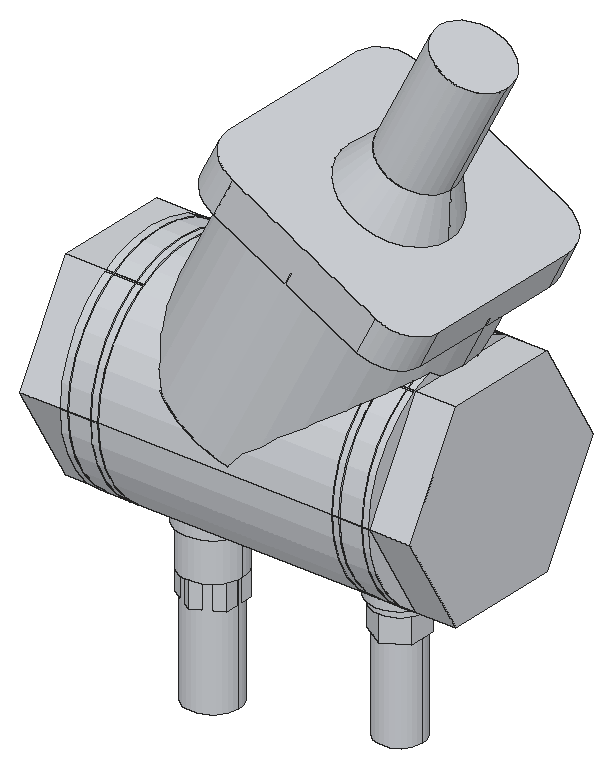
Revit family "Sigma_Compact_DN032_s vyp_RFA_2018", category Pipe Accessories, Revit 2018
Family settings
  Round Connector Dimension = Use Diameter
  Part Type = Valve - Breaks Into
  Work Plane-Based = No
  Always vertical = Yes
  Cut with Voids When Loaded = No
  Shared = No
Parameters (values of type "Sigma Compact DN 32 s vypouštěním")
  magiProductId = "52c1318164f948b8bfa512d8a8b026"
  magiProductFamilyId = "2dc1766e7e3844cdb739145bbea09c"
  magiPartTypeId = 304
  isMeasuringValve [instance] = no
  ang2D [instance] = 0.00°
  Z6 = 33 mm
  Z5 = 77 mm
  Z4 = 66 mm
  Z3 = 11 mm
  Z2 = 55 mm
  XR2 = 37.5 mm
  XR1 = 25.5 mm
  W2D = 32 mm
  VersionID = "2.0/2018.12.13.2/FRESE_SIGMA_PLUG_Q13_001"
  Use Minimum Symbol Size [instance] = no
  URL = "www.hydronic.cz"
  Type Comments = "závitový; vnitřní závit; PN25; max dp=400kPa; -10~+120°C; max uzavírací tlak 1MPa"
  R4 = 15 mm
  R3 = 10 mm
  R2 = 30.5 mm
  R1 = 31.5 mm
  QmdConnectorList = "301;D;302;D"
  Productdata [instance] = ""
  NL__ve = -NL  # -20.8 mm
  NL = 20.8 mm
  Manufacturer = "Hydronic Systems Prague s.r.o."
  MC Use Limits From Balancing Method = no
  MC Throttling Minimum Value = 0
  MC Throttling Maximum Value = 0
  MC Product Code = "53-2225 DN32 FF s měřením a vypouštěním; (200-5000 l/h); kvs=10,9"
  MC Pressure Drop Minimum Value = 0.0 Pa
  MC Pressure Drop Maximum Value = 0.0 Pa
  MC Piping Given Pressure Drop [instance] = 0.0 Pa
  M5 = 41.2 mm
  M4 = 39.2 mm
  M3 = 33.2 mm
  M2 = 31.2 mm
  LP = 52 mm
  LM = 62.4 mm
  LL__ve = -LL  # -6.8 mm
  LLT__ve = -LLT  # -22.6 mm
  LLT = 22.6 mm
  LLL = 11 mm
  LL3 = 52 mm
  LL2 = 43 mm
  LL = 6.8 mm
  L3 = 25 mm
  L2D_Min = 30.48 mm
  L2D = 82.4 mm
  Description = "Automatický vyvažovací ventil"
  DR1 = yes
  DR0 = no
  DL2 = 77 mm
  D = 32 mm
  CenSd_R2_6 = R2 * cos(30.00°)  # 26.414 mm
  CAT0 = yes
  C0D1 = yes
  C0D0 = no
Types (3, lengths in mm): name | magiProductId | Z6 | Z5 | Z4 | Z3 | Z2 | NL__ve | NL | MC Product Code | M5 | M4 | M3 | M2 | LP | LM | LL__ve | LLT__ve | LLT | LL3 | LL2 | LL | DL2 | D
  Sigma Compact DN 32 s vypouštěním | "52c1318164f948b8bfa512d8a8b026" | 33 | 77 | 66 | 11 | 55 | -20.8 | 20.8 | "53-2225 DN32 FF s měřením a vypouštěním; (200-5000 l/h); kvs=10,9" | 41.2 | 39.2 | 33.2 | 31.2 | 52 | 62.4 | -6.8 | -22.6 | 22.6 | 52 | 43 | 6.8 | 77 | 32
  Sigma Compact DN 40 s vypouštěním | "ead7fbe154ec4086ae4626bbcbe652" | 39.3 | 91.7 | 78.6 | 13.1 | 65.5 | -27.6 | 27.6 | "53-2226 DN40 FF s měřením a vypouštěním; (719-7400 l/h); kvs=18,0" | 51.4 | 49.4 | 43.4 | 41.4 | 69 | 82.8 | -7 | -24 | 24 | 54 | 45 | 7 | 79 | 40
  Sigma Compact DN 50 s vypouštěním | "001ad4382b874bb9b8e1e8cf3b6430" | 39.3 | 91.7 | 78.6 | 13.1 | 65.5 | -27.6 | 27.6 | "53-2227 DN50 FF s měřením a vypouštěním; (900-10350 l/h); kvs=20,3" | 51.4 | 49.4 | 43.4 | 41.4 | 69 | 82.8 | -7.6 | -28.2 | 28.2 | 60 | 51 | 7.6 | 85 | 50
Reference planes
  plane 1 "Center (Front/Back)": y = 0
  plane 2 "XYPLANE": z = 0
  plane 3 "Center (Left/Right)": x = 0
  plane 4 "408": x = 52
  plane 5 "407": x = -52
  plane 6 "404": z = -45.2
  plane 7 "403": z = -52
  plane 8 "402": z = -77
  plane 9 "213": x = -25
  plane 10 "168": z = -18.6
  plane 11 "167": z = -20.6
  plane 12 "166": z = -27.4
  plane 13 "165": z = -34.2
  plane 14 "164": z = -36.2
  plane 15 "154": z = 0
  plane 16 "152": y = 0
  plane 17 "151": z = -43
  plane 18 "150": x = 25
  plane 19 "75": through (307.08, 0, 685.28) normal (0.891, 0, -0.454)
  plane 20 "74": x = 41.2
  plane 21 "73": x = 39.2
  plane 22 "72": x = 33.2
  plane 23 "71": x = 31.2
  plane 24 "70": x = -41.2
  plane 25 "69": x = -39.2
  plane 26 "68": x = -33.2
  plane 27 "67": y = 0
  plane 28 "66": through (-666.893, 0, 343.166) normal (0.454, 0, 0.891)
  plane 29 "65": x = -31.2
  plane 30 "64": through (335.147, 0, 670.979) normal (0.891, 0, -0.454)
  plane 31 "63": through (-643.285, 0, 389.498) normal (0.454, 0, 0.891)
  plane 32 "62": through (363.214, 0, 656.678) normal (0.891, 0, -0.454)
  plane 33 "61": y = 31.5
  plane 34 "60": y = -31.5
  plane 35 "59": through (-638.292, 0, 399.299) normal (0.454, 0, 0.891)
  plane 36 "58": through (-633.298, 0, 409.1) normal (0.454, 0, 0.891)
  plane 37 "56": x = 0
  plane 38 "55": through (-668.255, 0, 340.493) normal (0.454, 0, 0.891)
  plane 39 "102XY": through (-668.255, 0, 340.493) normal (0.454, 0, 0.891)
  plane 40 "102XZ": y = 0
  plane 41 "102YZ": through (340.493, 0, 668.255) normal (0.891, 0, -0.454)
Forms (mm)
  Extrusion 1, solid
    sketch origin (52, -750, 0) x (0, 1, 0) y (0, 0, 1)
      loop
        line (780.5, 0) -> (765.25, 26.414) -> (734.75, 26.414) -> (719.5, 0) -> (734.75, -26.414) -> (765.25, -26.414) -> (780.5, 0)
    from 0 to -20.8 <- "NL__ve"
  Extrusion 2, solid
    sketch origin (-52, -750, 0) x (0, 1, 0) y (0, 0, 1)
      loop
        line (719.5, 0) -> (734.75, -26.414) -> (765.25, -26.414) -> (780.5, 0) -> (765.25, 26.414) -> (734.75, 26.414) -> (719.5, 0)
    from 0 to 20.8 <- "NL"
  Extrusion 3, solid, visible <- "C0D1"
    sketch origin (-750, 0, -77) x (1, 0, 0) y (0, 1, 0)
      loop
        circle (725, 0) r 7
    from 0 to 50
  Extrusion 4, solid, visible <- "DR1"
    sketch origin (-750, 0, -45.2) x (1, 0, 0) y (0, 1, 0)
      loop
        line (725, -8) -> (731.928, -4) -> (731.928, 4) -> (725, 8) -> (718.072, 4) -> (718.072, -4) -> (725, -8)
    from 0 to -6.8 <- "LL__ve"
  Extrusion 5, solid, visible <- "DR1"
    sketch origin (-750, 0, -45.2) x (1, 0, 0) y (0, 1, 0)
      loop
        circle (725, 0) r 8
    from 0 to 11 <- "LLL"
  Extrusion 6, solid, visible <- "DR1"
    sketch origin (-750, 0, -34.2) x (1, 0, 0) y (0, 1, 0)
      loop
        circle (725, 0) r 9
    from 0 to 6.8 <- "LL"
  Extrusion 7, solid, visible <- "DR1"
    sketch origin (-750, 0, -27.4) x (1, 0, 0) y (0, 1, 0)
      loop
        circle (725, 0) r 10
    from 0 to 6.8 <- "LL"
  Blend 8, solid, visible <- "DR1"
    base sketch origin (-750, 0, -18.6) x (1, 0, 0) y (0, 1, 0)
      loop
        circle (725, 0) r 7.5
    top sketch origin (-750, 0, -18.6) x (1, 0, 0) y (0, 1, 0)
      loop
        circle (725, 0) r 10
    from 0 to -2
  Extrusion 9, solid, visible <- "DR1"
    sketch origin (-750, 0, 0) x (1, 0, 0) y (0, 1, 0)
      loop
        circle (725, 0) r 7.5
    from 0 to -22.6 <- "LLT__ve"
  Extrusion 10, solid, visible <- "C0D0"
    sketch origin (-750, 0, -43) x (1, 0, 0) y (0, 1, 0)
      loop
        circle (725, 0) r 6
    from 0 to -25
  Extrusion 11, solid, visible <- "DR0"
    sketch origin (-750, 0, -36.2) x (1, 0, 0) y (0, 1, 0)
      loop
        line (725, -7) -> (731.062, -3.5) -> (731.062, 3.5) -> (725, 7) -> (718.938, 3.5) -> (718.938, -3.5) -> (725, -7)
    from 0 to -6.8 <- "LL__ve"
  Extrusion 12, solid, visible <- "DR0"
    sketch origin (-750, 0, -36.2) x (1, 0, 0) y (0, 1, 0)
      loop
        circle (725, 0) r 7
    from 0 to 2
  Extrusion 13, solid, visible <- "DR0"
    sketch origin (-750, 0, -27.4) x (1, 0, 0) y (0, 1, 0)
      loop
        circle (725, 0) r 9
    from 0 to 6.8 <- "LL"
  Blend 14, solid, visible <- "DR0"
    base sketch origin (-750, 0, -18.6) x (1, 0, 0) y (0, 1, 0)
      loop
        circle (725, 0) r 6.5
    top sketch origin (-750, 0, -18.6) x (1, 0, 0) y (0, 1, 0)
      loop
        circle (725, 0) r 9
    from 0 to -2
  Extrusion 15, solid, visible <- "DR0"
    sketch origin (-750, 0, 0) x (1, 0, 0) y (0, 1, 0)
      loop
        circle (725, 0) r 6.5
    from 0 to -22.6 <- "LLT__ve"
  Extrusion 16, solid, visible <- "DR0"
    sketch origin (-750, 0, 0) x (1, 0, 0) y (0, 1, 0)
      loop
        circle (725, 0) r 6.5
    from 0 to -22.6 <- "LLT__ve"
  Blend 17, solid, visible <- "DR0"
    base sketch origin (-750, 0, -18.6) x (1, 0, 0) y (0, 1, 0)
      loop
        circle (725, 0) r 6.5
    top sketch origin (-750, 0, -18.6) x (1, 0, 0) y (0, 1, 0)
      loop
        circle (725, 0) r 9
    from 0 to -2
  Extrusion 18, solid, visible <- "DR0"
    sketch origin (-750, 0, -27.4) x (1, 0, 0) y (0, 1, 0)
      loop
        circle (725, 0) r 9
    from 0 to 6.8 <- "LL"
  Extrusion 19, solid, visible <- "DR0"
    sketch origin (-750, 0, -34.2) x (1, 0, 0) y (0, 1, 0)
      loop
        circle (725, 0) r 8
    from 0 to 6.8 <- "LL"
  Extrusion 20, solid, visible <- "DR0"
    sketch origin (-750, 0, -36.2) x (1, 0, 0) y (0, 1, 0)
      loop
        circle (725, 0) r 7
    from 0 to 2
  Extrusion 21, solid, visible <- "DR0"
    sketch origin (-750, 0, -36.2) x (1, 0, 0) y (0, 1, 0)
      loop
        line (725, -7) -> (731.062, -3.5) -> (731.062, 3.5) -> (725, 7) -> (718.938, 3.5) -> (718.938, -3.5) -> (725, -7)
    from 0 to -6.8 <- "LL__ve"
  Extrusion 22, solid, visible <- "C0D0"
    sketch origin (-750, 0, -43) x (1, 0, 0) y (0, 1, 0)
      loop
        circle (725, 0) r 6
    from 0 to -25
  Extrusion 23, solid, visible <- "CAT0"
    sketch origin (-750, 0, -43) x (1, 0, 0) y (0, 1, 0)
      loop
        circle (775, 0) r 6
    from 0 to -25
  Extrusion 24, solid
    sketch origin (-750, 0, -36.2) x (1, 0, 0) y (0, 1, 0)
      loop
        line (775, -7) -> (781.062, -3.5) -> (781.062, 3.5) -> (775, 7) -> (768.938, 3.5) -> (768.938, -3.5) -> (775, -7)
    from 0 to -6.8 <- "LL__ve"
  Extrusion 25, solid
    sketch origin (-750, 0, -36.2) x (1, 0, 0) y (0, 1, 0)
      loop
        circle (775, 0) r 7
    from 0 to 2
  Extrusion 26, solid
    sketch origin (-750, 0, -34.2) x (1, 0, 0) y (0, 1, 0)
      loop
        circle (775, 0) r 8
    from 0 to 6.8 <- "LL"
  Extrusion 27, solid
    sketch origin (-750, 0, -27.4) x (1, 0, 0) y (0, 1, 0)
      loop
        circle (775, 0) r 9
    from 0 to 6.8 <- "LL"
  Blend 28, solid
    base sketch origin (-750, 0, -18.6) x (1, 0, 0) y (0, 1, 0)
      loop
        circle (775, 0) r 6.5
    top sketch origin (-750, 0, -18.6) x (1, 0, 0) y (0, 1, 0)
      loop
        circle (775, 0) r 9
    from 0 to -2
  Extrusion 29, solid
    sketch origin (-750, 0, 0) x (1, 0, 0) y (0, 1, 0)
      loop
        circle (775, 0) r 6.5
    from 0 to -22.6 <- "LLT__ve"
  Blend 30, solid, visible <- "CAT0"
    base sketch origin (39.2, -750, 0) x (0, 1, 0) y (0, 0, 1)
      loop
        circle (750, 0) r 30.5
    top sketch origin (39.2, -750, 0) x (0, 1, 0) y (0, 0, 1)
      loop
        circle (750, 0) r 30.5
    from 0 to 2
  Extrusion 31, solid, visible <- "CAT0"
    sketch origin (33.2, -750, 0) x (0, 1, 0) y (0, 0, 1)
      loop
        circle (750, 0) r 30.5
    from 0 to 6
  Blend 32, solid, visible <- "CAT0"
    base sketch origin (31.2, -750, 0) x (0, 1, 0) y (0, 0, 1)
      loop
        circle (750, 0) r 30.5
    top sketch origin (31.2, -750, 0) x (0, 1, 0) y (0, 0, 1)
      loop
        circle (750, 0) r 30.5
    from 0 to 2
  Blend 33, solid, visible <- "CAT0"
    base sketch origin (-39.2, -750, 0) x (0, 1, 0) y (0, 0, 1)
      loop
        circle (750, 0) r 30.5
    top sketch origin (-39.2, -750, 0) x (0, 1, 0) y (0, 0, 1)
      loop
        circle (750, 0) r 30.5
    from 0 to -2
  Extrusion 34, solid, visible <- "CAT0"
    sketch origin (-39.2, -750, 0) x (0, 1, 0) y (0, 0, 1)
      loop
        circle (750, 0) r 30.5
    from 0 to 6
  Blend 35, solid, visible <- "CAT0"
    base sketch origin (-33.2, -750, 0) x (0, 1, 0) y (0, 0, 1)
      loop
        circle (750, 0) r 30.5
    top sketch origin (-33.2, -750, 0) x (0, 1, 0) y (0, 0, 1)
      loop
        circle (750, 0) r 30.5
    from 0 to 2
  Extrusion 36, solid, visible <- "CAT0"
    sketch origin (-31.2, -750, 0) x (0, 1, 0) y (0, 0, 1)
      loop
        circle (750, 0) r 30.5
    from 0 to 62.4 <- "LM"
  Extrusion 37, solid, visible <- "CAT0"
    sketch origin (-666.893, 0, 343.166) x (0.891007, 0, -0.45399) y (0, 1, 0)
      loop
        circle (744, 0) r 31.5
    from 0 to 55 <- "Z2"
  Extrusion 38, solid, visible <- "CAT0"
    sketch origin (-643.285, 0, 389.498) x (0.891007, 0, -0.45399) y (0, 1, 0)
      loop
        arc (722.5, 31.5) -> (715.429, 28.571) -> (712.5, 21.5) r 10
        line (712.5, 21.5) -> (712.5, -21.5)
        arc (712.5, -21.5) -> (715.429, -28.571) -> (722.5, -31.5) r 10
        line (722.5, -31.5) -> (765.5, -31.5)
        arc (765.5, -31.5) -> (772.571, -28.571) -> (775.5, -21.5) r 10
        line (775.5, -21.5) -> (775.5, 21.5)
        arc (775.5, 21.5) -> (772.571, 28.571) -> (765.5, 31.5) r 10
        line (765.5, 31.5) -> (722.5, 31.5)
    from 0 to 11 <- "Z3"
  Blend 39, solid, visible <- "CAT0"
    base sketch origin (-638.292, 0, 399.299) x (0.891007, 0, -0.45399) y (0, 1, 0)
      loop
        circle (744, 0) r 15
    top sketch origin (-638.292, 0, 399.299) x (0.891007, 0, -0.45399) y (0, 1, 0)
      loop
        circle (744, 0) r 10
    from 0 to 11
  Extrusion 40, solid, visible <- "CAT0"
    sketch origin (-633.298, 0, 409.1) x (0.891007, 0, -0.45399) y (0, 1, 0)
      loop
        circle (744, 0) r 10
    from 0 to 33 <- "Z6"
  Blend 41, solid, visible <- "CAT0"
    base sketch origin (-668.255, 0, 340.493) x (0.891007, 0, -0.45399) y (0, 1, 0)
      loop
        circle (744, 0) r 15
    top sketch origin (-668.255, 0, 340.493) x (0.891007, 0, -0.45399) y (0, 1, 0)
      loop
        circle (744, 0) r 31.5
    from 0 to 3
  Extrusion 42, solid, not visible
    sketch origin (-41.2, -750, 0) x (0, 1, 0) y (0, 0, 1)
      loop
        circle (750, 0) r 10
    from 0 to 10
  Extrusion 43, solid, not visible
    sketch origin (41.2, -750, 0) x (0, 1, 0) y (0, 0, 1)
      loop
        circle (750, 0) r 10
    from 0 to -10
Lines and regions (mm)
  reference lines, not visible
    curve 1: circle (2, 2, 0) r 1 normal (0, 0, 1)
  reference lines
    curve 2: line (52, 0, 0) -> (52, -7.625, 13.207)
    curve 3: line (52, 0, 0) -> (52, -15.25, 0)
    curve 4: line (52, 0, 0) -> (52, -7.625, -13.207)
    curve 5: line (-52, 0, 0) -> (-52, 7.625, 13.207)
    curve 6: line (-52, 0, 0) -> (-52, 15.25, 0)
    curve 7: line (-52, 0, 0) -> (-52, 7.625, -13.207)
Dimensions and locks
  plane 1 "Center (Front/Back)" to curve 1 = 2 mm
  "LP": plane 37 "56" to plane 4 "408"
  "LP": plane 37 "56" to plane 5 "407"
  "LL": plane 7 "403" to plane 6 "404"
  "LL3": plane 2 "XYPLANE" to plane 7 "403"
  "DL2": plane 2 "XYPLANE" to plane 8 "402"
  "L3": plane 3 "Center (Left/Right)" to plane 9 "213"
  locked: plane 11 "167" to plane 10 "168" at 2
  "LL": plane 12 "166" to plane 11 "167"
  "LL": plane 13 "165" to plane 12 "166"
  locked: plane 14 "164" to plane 13 "165" at 2
  "LL": plane 17 "151" to plane 14 "164"
  locked: plane 2 "XYPLANE" to plane 15 "154"
  locked: plane 1 "Center (Front/Back)" to plane 16 "152"
  "LL2": plane 2 "XYPLANE" to plane 17 "151"
  "L3": plane 3 "Center (Left/Right)" to plane 18 "150"
  "XR2": plane 41 "102YZ" to plane 19 "75"
  "M5": plane 3 "Center (Left/Right)" to plane 20 "74"
  "M4": plane 3 "Center (Left/Right)" to plane 21 "73"
  "M3": plane 3 "Center (Left/Right)" to plane 22 "72"
  "M2": plane 3 "Center (Left/Right)" to plane 23 "71"
  "M5": plane 3 "Center (Left/Right)" to plane 24 "70"
  "M4": plane 3 "Center (Left/Right)" to plane 25 "69"
  "M3": plane 3 "Center (Left/Right)" to plane 26 "68"
  locked: plane 16 "152" to plane 27 "67"
  locked: plane 39 "102XY" to plane 28 "66" at 3
  "M2": plane 3 "Center (Left/Right)" to plane 29 "65"
  locked: plane 41 "102YZ" to plane 30 "64" at 6
  "Z2": plane 39 "102XY" to plane 31 "63"
  "XR1": plane 41 "102YZ" to plane 32 "62"
  "R1": plane 16 "152" to plane 33 "61"
  "R1": plane 16 "152" to plane 34 "60"
  "Z4": plane 39 "102XY" to plane 35 "59"
  "Z5": plane 39 "102XY" to plane 36 "58"
  locked: plane 3 "Center (Left/Right)" to plane 37 "56"
  locked: plane 39 "102XY" to plane 38 "55"
  "CenSd_R2_6": curve 2 to Extrusion 1 sketch curve  (x2)
  "CenSd_R2_6": curve 3 to Extrusion 1 sketch curve  (x2)
  "CenSd_R2_6": curve 4 to Extrusion 1 sketch curve  (x2)
  Extrusion 1 sketch curve to Extrusion 1 sketch curve = 0 mm  (x12)
  "CenSd_R2_6": curve 5 to Extrusion 2 sketch curve  (x2)
  "CenSd_R2_6": curve 6 to Extrusion 2 sketch curve  (x2)
  "CenSd_R2_6": curve 7 to Extrusion 2 sketch curve  (x2)
  Extrusion 2 sketch curve to Extrusion 2 sketch curve = 0 mm  (x12)
  Extrusion 4 sketch curve to Extrusion 4 sketch curve = 0 mm  (x12)
  Extrusion 11 sketch curve to Extrusion 11 sketch curve = 0 mm  (x12)
  Extrusion 21 sketch curve to Extrusion 21 sketch curve = 0 mm  (x12)
  Extrusion 24 sketch curve to Extrusion 24 sketch curve = 0 mm  (x12)
  Extrusion 38 sketch curve to Extrusion 38 sketch curve = 0 mm  (x16)
  "R2": radius of Blend 30 sketch curve  (x2)
  "R2": radius of Extrusion 31 sketch curve
  "R2": radius of Blend 32 sketch curve  (x2)
  "R2": radius of Blend 33 sketch curve  (x2)
  "R2": radius of Extrusion 34 sketch curve
  "R2": radius of Blend 35 sketch curve  (x2)
  "R2": radius of Extrusion 36 sketch curve
  "R1": radius of Extrusion 37 sketch curve
  radius of Extrusion 38 sketch curve = 10 mm  (x4)
  "R3": radius of Blend 39 sketch curve
  "R4": radius of Blend 39 sketch curve
  "R3": radius of Extrusion 40 sketch curve
  "R1": radius of Blend 41 sketch curve
  locked: curve 3 to curve 2 (angle 60.00°)
  locked: curve 4 to curve 3 (angle 60.00°)
  locked: curve 4 to curve 2 (angle 120.00°)
  locked: curve 6 to curve 5 (angle 60.00°)
  locked: curve 7 to curve 6 (angle 60.00°)
  locked: curve 7 to curve 5 (angle 120.00°)
  aligned and locked: level to plane 2 "XYPLANE"
  aligned and locked: plane 15 "154" to curve 4
  aligned and locked: curve 4 to plane 16 "152"
  aligned and locked: plane 15 "154" to curve 7
  aligned and locked: curve 7 to plane 16 "152"
  aligned and locked: plane 9 "213" to Extrusion 3 sketch curve
  aligned and locked: plane 16 "152" to Extrusion 3 sketch curve
  aligned and locked: plane 9 "213" to Extrusion 5 sketch curve
  aligned and locked: plane 16 "152" to Extrusion 5 sketch curve
  aligned and locked: plane 9 "213" to Extrusion 6 sketch curve
  aligned and locked: plane 16 "152" to Extrusion 6 sketch curve
  aligned and locked: plane 9 "213" to Extrusion 7 sketch curve
  aligned and locked: plane 16 "152" to Extrusion 7 sketch curve
  aligned and locked: plane 9 "213" to Blend 8 sketch curve  (x2)
  aligned and locked: plane 16 "152" to Blend 8 sketch curve  (x2)
  aligned and locked: Blend 8 to plane 11 "167"
  aligned and locked: plane 9 "213" to Extrusion 9 sketch curve
  aligned and locked: plane 16 "152" to Extrusion 9 sketch curve
  aligned and locked: plane 9 "213" to Extrusion 10 sketch curve
  aligned and locked: plane 16 "152" to Extrusion 10 sketch curve
  aligned and locked: plane 9 "213" to Extrusion 12 sketch curve
  aligned and locked: plane 16 "152" to Extrusion 12 sketch curve
  aligned and locked: plane 9 "213" to Extrusion 13 sketch curve
  aligned and locked: plane 16 "152" to Extrusion 13 sketch curve
  aligned and locked: plane 9 "213" to Blend 14 sketch curve  (x2)
  aligned and locked: plane 16 "152" to Blend 14 sketch curve  (x2)
  aligned and locked: Blend 14 to plane 11 "167"
  aligned and locked: plane 9 "213" to Extrusion 15 sketch curve
  aligned and locked: plane 16 "152" to Extrusion 15 sketch curve
  aligned and locked: plane 9 "213" to Extrusion 16 sketch curve
  aligned and locked: plane 16 "152" to Extrusion 16 sketch curve
  aligned and locked: plane 9 "213" to Blend 17 sketch curve  (x2)
  aligned and locked: plane 16 "152" to Blend 17 sketch curve  (x2)
  aligned and locked: Blend 17 to plane 11 "167"
  aligned and locked: plane 9 "213" to Extrusion 18 sketch curve
  aligned and locked: plane 16 "152" to Extrusion 18 sketch curve
  aligned and locked: plane 9 "213" to Extrusion 19 sketch curve
  aligned and locked: plane 16 "152" to Extrusion 19 sketch curve
  aligned and locked: plane 9 "213" to Extrusion 20 sketch curve
  aligned and locked: plane 16 "152" to Extrusion 20 sketch curve
  aligned and locked: plane 9 "213" to Extrusion 22 sketch curve
  aligned and locked: plane 16 "152" to Extrusion 22 sketch curve
  aligned and locked: plane 16 "152" to Extrusion 23 sketch curve
  aligned and locked: plane 18 "150" to Extrusion 23 sketch curve
  aligned and locked: plane 16 "152" to Extrusion 25 sketch curve
  aligned and locked: plane 18 "150" to Extrusion 25 sketch curve
  aligned and locked: plane 16 "152" to Extrusion 26 sketch curve
  aligned and locked: plane 18 "150" to Extrusion 26 sketch curve
  aligned and locked: plane 16 "152" to Extrusion 27 sketch curve
  aligned and locked: plane 18 "150" to Extrusion 27 sketch curve
  aligned and locked: plane 16 "152" to Blend 28 sketch curve  (x2)
  aligned and locked: plane 18 "150" to Blend 28 sketch curve  (x2)
  aligned and locked: Blend 28 to plane 11 "167"
  aligned and locked: plane 16 "152" to Extrusion 29 sketch curve
  aligned and locked: plane 18 "150" to Extrusion 29 sketch curve
  aligned and locked: plane 15 "154" to Blend 30 sketch curve  (x2)
  aligned and locked: Blend 30 sketch curve to plane 16 "152"  (x2)
  aligned and locked: plane 20 "74" to Blend 30
  aligned and locked: plane 15 "154" to Extrusion 31 sketch curve
  aligned and locked: Extrusion 31 sketch curve to plane 16 "152"
  aligned and locked: plane 15 "154" to Blend 32 sketch curve  (x2)
  aligned and locked: Blend 32 sketch curve to plane 16 "152"  (x2)
  aligned and locked: plane 22 "72" to Blend 32
  aligned and locked: plane 15 "154" to Blend 33 sketch curve  (x2)
  aligned and locked: Blend 33 sketch curve to plane 16 "152"  (x2)
  aligned and locked: Blend 33 to plane 24 "70"
  aligned and locked: plane 15 "154" to Extrusion 34 sketch curve
  aligned and locked: Extrusion 34 sketch curve to plane 16 "152"
  aligned and locked: plane 15 "154" to Blend 35 sketch curve  (x2)
  aligned and locked: Blend 35 sketch curve to plane 16 "152"  (x2)
  aligned and locked: plane 29 "65" to Blend 35
  aligned and locked: plane 15 "154" to Extrusion 36 sketch curve
  aligned and locked: Extrusion 36 sketch curve to plane 16 "152"
  aligned and locked: plane 27 "67" to Extrusion 37 sketch curve
  aligned and locked: Extrusion 37 sketch curve to plane 30 "64"
  aligned and locked: Extrusion 38 sketch curve to plane 19 "75"
  aligned and locked: Extrusion 38 sketch curve to plane 34 "60"
  aligned and locked: Extrusion 38 sketch curve to plane 32 "62"
  aligned and locked: plane 33 "61" to Extrusion 38 sketch curve
  aligned and locked: plane 27 "67" to Blend 39 sketch curve  (x2)
  aligned and locked: Blend 39 sketch curve to plane 30 "64"  (x2)
  aligned and locked: plane 36 "58" to Blend 39
  aligned and locked: plane 27 "67" to Extrusion 40 sketch curve
  aligned and locked: Extrusion 40 sketch curve to plane 30 "64"
  aligned and locked: plane 27 "67" to Blend 41 sketch curve  (x2)
  aligned and locked: Blend 41 sketch curve to plane 30 "64"  (x2)
  aligned and locked: plane 28 "66" to Blend 41
  aligned and locked: plane 15 "154" to Extrusion 42 sketch curve
  aligned and locked: Extrusion 42 sketch curve to plane 16 "152"
  aligned and locked: plane 15 "154" to Extrusion 43 sketch curve
  aligned and locked: Extrusion 43 sketch curve to plane 16 "152"
Automatic sketch dimensions
  Extrusion 3 sketch curve to plane 29 "65" = 0.8 mm
  Extrusion 4 sketch curve to plane 9 "213" = 0 mm  (x2)
  Extrusion 4 sketch curve to plane 29 "65" = 0.728 mm
  plane 9 "213" to Extrusion 4 sketch curve = 6.928 mm
  plane 1 "Center (Front/Back)" to Extrusion 4 sketch curve = 8 mm
  plane 1 "Center (Front/Back)" to Extrusion 4 sketch curve = 4 mm  (x2)
  Extrusion 4 sketch curve to plane 1 "Center (Front/Back)" = 4 mm  (x2)
  Extrusion 4 sketch curve to plane 1 "Center (Front/Back)" = 8 mm
  plane 26 "68" to Extrusion 5 sketch curve = 0.2 mm
  Extrusion 6 sketch curve to plane 26 "68" = 0.8 mm
  Extrusion 7 sketch curve to plane 26 "68" = 1.8 mm
  plane 26 "68" to Blend 8 sketch curve = 0.7 mm
  Blend 8 sketch curve to plane 26 "68" = 1.8 mm
  plane 26 "68" to Extrusion 9 sketch curve = 0.7 mm
  plane 29 "65" to Extrusion 10 sketch curve = 0.2 mm
  Extrusion 11 sketch curve to plane 9 "213" = 0 mm  (x2)
  plane 29 "65" to Extrusion 11 sketch curve = 0.138 mm
  plane 9 "213" to Extrusion 11 sketch curve = 6.062 mm
  plane 1 "Center (Front/Back)" to Extrusion 11 sketch curve = 7 mm
  plane 1 "Center (Front/Back)" to Extrusion 11 sketch curve = 3.5 mm  (x2)
  Extrusion 11 sketch curve to plane 1 "Center (Front/Back)" = 3.5 mm  (x2)
  Extrusion 11 sketch curve to Extrusion 11 sketch curve = 3.5 mm
  Extrusion 12 sketch curve to plane 29 "65" = 0.8 mm
  Extrusion 13 sketch curve to plane 26 "68" = 0.8 mm
  Blend 14 sketch curve to plane 29 "65" = 0.3 mm
  Blend 14 sketch curve to plane 26 "68" = 0.8 mm
  Extrusion 15 sketch curve to plane 29 "65" = 0.3 mm
  Extrusion 16 sketch curve to plane 29 "65" = 0.3 mm
  Blend 17 sketch curve to plane 29 "65" = 0.3 mm
  Blend 17 sketch curve to plane 26 "68" = 0.8 mm
  Extrusion 18 sketch curve to plane 26 "68" = 0.8 mm
  plane 26 "68" to Extrusion 19 sketch curve = 0.2 mm
  Extrusion 20 sketch curve to plane 29 "65" = 0.8 mm
  Extrusion 21 sketch curve to plane 9 "213" = 0 mm  (x2)
  plane 29 "65" to Extrusion 21 sketch curve = 0.138 mm
  plane 9 "213" to Extrusion 21 sketch curve = 6.062 mm
  plane 1 "Center (Front/Back)" to Extrusion 21 sketch curve = 7 mm
  plane 1 "Center (Front/Back)" to Extrusion 21 sketch curve = 3.5 mm  (x2)
  Extrusion 21 sketch curve to plane 1 "Center (Front/Back)" = 3.5 mm  (x2)
  Extrusion 21 sketch curve to Extrusion 21 sketch curve = 3.5 mm
  plane 29 "65" to Extrusion 22 sketch curve = 0.2 mm
  Extrusion 23 sketch curve to plane 18 "150" = 6 mm
  Extrusion 24 sketch curve to plane 18 "150" = 0 mm  (x2)
  Extrusion 24 sketch curve to plane 18 "150" = 6.062 mm
  Extrusion 24 sketch curve to plane 23 "71" = 0.138 mm
  plane 1 "Center (Front/Back)" to Extrusion 24 sketch curve = 7 mm
  plane 1 "Center (Front/Back)" to Extrusion 24 sketch curve = 3.5 mm  (x2)
  Extrusion 24 sketch curve to plane 1 "Center (Front/Back)" = 3.5 mm  (x2)
  Extrusion 24 sketch curve to Extrusion 24 sketch curve = 3.5 mm
  Extrusion 25 sketch curve to plane 18 "150" = 7 mm
  Extrusion 26 sketch curve to plane 18 "150" = 8 mm
  Extrusion 27 sketch curve to Extrusion 27 sketch curve = 9 mm
  Blend 28 sketch curve to plane 18 "150" = 6.5 mm
  Blend 28 sketch curve to Blend 28 sketch curve = 9 mm
  Extrusion 29 sketch curve to plane 18 "150" = 6.5 mm
  Blend 41 sketch curve to Blend 41 sketch curve = 15 mm
  plane 1 "Center (Front/Back)" to Extrusion 42 sketch curve = 10 mm
  plane 1 "Center (Front/Back)" to Extrusion 43 sketch curve = 10 mm
  plane 3 "Center (Left/Right)" to curve 1 = 2 mm
  radius of curve 1 = 1 mm
Connectors
  piping at (-41.2, 0, 0), diameter 32, driven by "D"
    settings: on Extrusion 42, index 1, connector inside diameter 609.6 mm, connector length 0 mm, flow factor 0, pipe flow 0.0 L/s, pressure drop 0.0 Pa, fitting loss kfactor 0, connector angle 0.00°, fixture units 0, engagement length 0 mm, angle of deflection 0.00°, flow configuration 0, flow direction 0, fitting loss method 0, system type 29, joint type 0, gender type 0, connector reference index 2, connector utility 0, adjustable connector no, is connector primary yes, connector description ""
  piping at (41.2, 0, 0), diameter 32, driven by "D"
    settings: on Extrusion 43, index 2, connector inside diameter 609.6 mm, connector length 0 mm, flow factor 0, pipe flow 0.0 L/s, pressure drop 0.0 Pa, fitting loss kfactor 0, connector angle 0.00°, fixture units 0, engagement length 0 mm, angle of deflection 0.00°, flow configuration 0, flow direction 0, fitting loss method 0, system type 29, joint type 0, gender type 0, connector reference index 1, connector utility 0, adjustable connector no, is connector primary no, connector description ""
